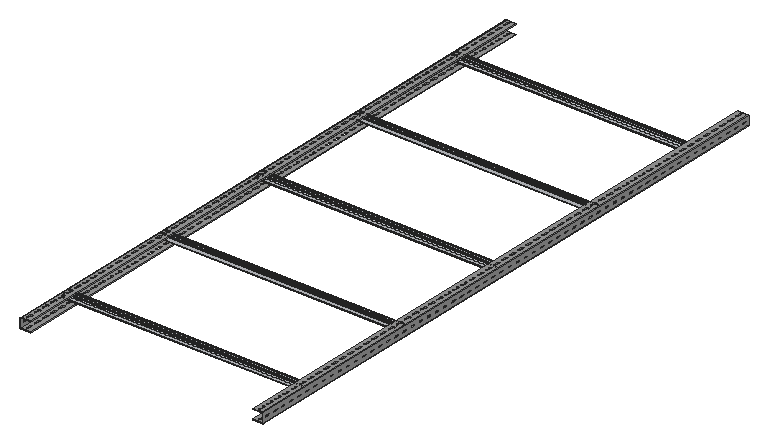
Revit family "steigeleiter_1200_FT", category Generic Models, Revit 2017 (continued)
Dimensions and locks
  locked: Extrusion 341 sketch curve to Extrusion 341 sketch curve at 11
  locked: Extrusion 342 sketch curve to Extrusion 342 sketch curve at 11
  locked: Extrusion 343 sketch curve to Extrusion 343 sketch curve at 11
  locked: Extrusion 344 sketch curve to Extrusion 344 sketch curve at 11
  locked: Extrusion 345 sketch curve to Extrusion 345 sketch curve at 11
  locked: Extrusion 346 sketch curve to Extrusion 346 sketch curve at 11
  locked: Extrusion 347 sketch curve to Extrusion 347 sketch curve at 11
  locked: Extrusion 348 sketch curve to Extrusion 348 sketch curve at 11
  locked: Extrusion 349 sketch curve to Extrusion 349 sketch curve at 11
  locked: Extrusion 350 sketch curve to Extrusion 350 sketch curve at 11
  locked: Extrusion 351 sketch curve to Extrusion 351 sketch curve at 11
  locked: Extrusion 352 sketch curve to Extrusion 352 sketch curve at 11
  locked: Extrusion 353 sketch curve to Extrusion 353 sketch curve at 11
  locked: Extrusion 354 sketch curve to Extrusion 354 sketch curve at 11
  locked: Extrusion 355 sketch curve to Extrusion 355 sketch curve at 11
  locked: Extrusion 356 sketch curve to Extrusion 356 sketch curve at 11
  locked: Extrusion 357 sketch curve to Extrusion 357 sketch curve at 11
  locked: Extrusion 358 sketch curve to Extrusion 358 sketch curve at 11
  locked: Extrusion 359 sketch curve to Extrusion 359 sketch curve at 11
  locked: Extrusion 360 sketch curve to Extrusion 360 sketch curve at 11
  locked: Extrusion 361 sketch curve to Extrusion 361 sketch curve at 11
  group 355 to group 356 = 0 mm  (x2)
  group 356 to group 355 = 50 mm
  "Length 2": plane 1 "Center (Front/Back)" to plane 6
  locked: Extrusion 362 sketch curve to Extrusion 362 sketch curve at 2  (x5)
  locked: Extrusion 362 sketch curve to Extrusion 362 sketch curve at 18
  Extrusion 362 sketch curve to Extrusion 362 sketch curve = 40 mm
  locked: Extrusion 363 sketch curve to Extrusion 363 sketch curve at 2  (x5)
  locked: Extrusion 363 sketch curve to Extrusion 363 sketch curve at 18
  Extrusion 363 sketch curve to Extrusion 363 sketch curve = 40 mm
  equal spacing: group 357, group 358, group 359, group 360, group 361  (x3)
  locked: Extrusion 364 sketch curve to Extrusion 364 sketch curve at 2  (x5)
  locked: Extrusion 364 sketch curve to Extrusion 364 sketch curve at 18
  Extrusion 364 sketch curve to Extrusion 364 sketch curve = 40 mm
  locked: Extrusion 365 sketch curve to Extrusion 365 sketch curve at 2  (x5)
  locked: Extrusion 365 sketch curve to Extrusion 365 sketch curve at 18
  Extrusion 365 sketch curve to Extrusion 365 sketch curve = 40 mm
  locked: Extrusion 366 sketch curve to Extrusion 366 sketch curve at 2  (x5)
  locked: Extrusion 366 sketch curve to Extrusion 366 sketch curve at 18
  Extrusion 366 sketch curve to Extrusion 366 sketch curve = 40 mm
  aligned and locked: level to plane 2
  aligned and locked: Extrusion 1 sketch curve to level
  aligned and locked: level to Extrusion 1 sketch curve
  aligned and locked: plane 5 to Extrusion 1
  aligned and locked: Extrusion 1 to level
  aligned and locked: Extrusion 1 to Extrusion 2  (x2)
  aligned and locked: Extrusion 1 to Extrusion 62  (x2)
  aligned and locked: Extrusion 122 to level
  aligned and locked: Extrusion 1 to Extrusion 122
  aligned and locked: Extrusion 182 to level
  aligned and locked: cut or joined group 1 (Extrusion 1, Extrusion 2, Extrusion 3, Extrusion 4, Extrusion 5, Extrusion 6, Extrusion 7, Extrusion 8, Extrusion 9, Extrusion 10, Extrusion 11, Extrusion 12, Extrusion 13, Extrusion 14, Extrusion 15, Extrusion 16, Extrusion 17, Extrusion 18, Extrusion 19, Extrusion 20, Extrusion 21, Extrusion 22, Extrusion 23, Extrusion 24, Extrusion 25, Extrusion 26, Extrusion 27, Extrusion 28, Extrusion 29, Extrusion 30, Extrusion 31, Extrusion 32, Extrusion 33, Extrusion 34, Extrusion 35, Extrusion 36, Extrusion 37, Extrusion 38, Extrusion 39, Extrusion 40, Extrusion 41, Extrusion 42, Extrusion 43, Extrusion 44, Extrusion 45, Extrusion 46, Extrusion 47, Extrusion 48, Extrusion 49, Extrusion 50, Extrusion 51, Extrusion 52, Extrusion 53, Extrusion 54, Extrusion 55, Extrusion 56, Extrusion 57, Extrusion 58, Extrusion 59, Extrusion 60, Extrusion 61, Extrusion 62, Extrusion 63, Extrusion 64, Extrusion 65, Extrusion 66, Extrusion 67, Extrusion 68, Extrusion 69, Extrusion 70, Extrusion 71, Extrusion 72, Extrusion 73, Extrusion 74, Extrusion 75, Extrusion 76, Extrusion 77, Extrusion 78, Extrusion 79, Extrusion 80, Extrusion 81, Extrusion 82, Extrusion 83, Extrusion 84, Extrusion 85, Extrusion 86, Extrusion 87, Extrusion 88, Extrusion 89, Extrusion 90, Extrusion 91, Extrusion 92, Extrusion 93, Extrusion 94, Extrusion 95, Extrusion 96, Extrusion 97, Extrusion 98, Extrusion 99, Extrusion 100, Extrusion 101, Extrusion 102, Extrusion 103, Extrusion 104, Extrusion 105, Extrusion 106, Extrusion 107, Extrusion 108, Extrusion 109, Extrusion 110, Extrusion 111, Extrusion 112, Extrusion 113, Extrusion 114, Extrusion 115, Extrusion 116, Extrusion 117, Extrusion 118, Extrusion 119, Extrusion 120, Extrusion 121, Extrusion 122, Extrusion 123, Extrusion 124, Extrusion 125, Extrusion 126, Extrusion 127, Extrusion 128, Extrusion 129, Extrusion 130, Extrusion 131, Extrusion 132, Extrusion 133, Extrusion 134, Extrusion 135, Extrusion 136, Extrusion 137, Extrusion 138, Extrusion 139, Extrusion 140, Extrusion 141, Extrusion 142, Extrusion 143, Extrusion 144, Extrusion 145, Extrusion 146, Extrusion 147, Extrusion 148, Extrusion 149, Extrusion 150, Extrusion 151, Extrusion 152, Extrusion 153, Extrusion 154, Extrusion 155, Extrusion 156, Extrusion 157, Extrusion 158, Extrusion 159, Extrusion 160, Extrusion 161, Extrusion 162, Extrusion 163, Extrusion 164, Extrusion 165, Extrusion 166, Extrusion 167, Extrusion 168, Extrusion 169, Extrusion 170, Extrusion 171, Extrusion 172, Extrusion 173, Extrusion 174, Extrusion 175, Extrusion 176, Extrusion 177, Extrusion 178, Extrusion 179, Extrusion 180, Extrusion 181, Extrusion 182, Extrusion 183, Extrusion 184, Extrusion 185, Extrusion 186, Extrusion 187, Extrusion 188, Extrusion 189, Extrusion 190, Extrusion 191, Extrusion 192, Extrusion 193, Extrusion 194, Extrusion 195, Extrusion 196, Extrusion 197, Extrusion 198, Extrusion 199, Extrusion 200, Extrusion 201, Extrusion 202, Extrusion 203, Extrusion 204, Extrusion 205, Extrusion 206, Extrusion 207, Extrusion 208, Extrusion 209, Extrusion 210, Extrusion 211, Extrusion 212, Extrusion 213, Extrusion 214, Extrusion 215, Extrusion 216, Extrusion 217, Extrusion 218, Extrusion 219, Extrusion 220, Extrusion 221, Extrusion 222, Extrusion 223, Extrusion 224, Extrusion 225, Extrusion 226, Extrusion 227, Extrusion 228, Extrusion 229, Extrusion 230, Extrusion 231, Extrusion 232, Extrusion 233, Extrusion 234, Extrusion 235, Extrusion 236, Extrusion 237, Extrusion 238, Extrusion 239, Extrusion 240, Extrusion 241, Extrusion 242, Extrusion 243, Extrusion 244, Extrusion 245, Extrusion 246, Extrusion 247, Extrusion 248, Extrusion 249, Extrusion 250, Extrusion 251, Extrusion 252, Extrusion 253, Extrusion 254, Extrusion 255, Extrusion 256, Extrusion 257, Extrusion 258, Extrusion 259, Extrusion 260, Extrusion 261, Extrusion 262, Extrusion 263, Extrusion 264, Extrusion 265, Extrusion 266, Extrusion 267, Extrusion 268, Extrusion 269, Extrusion 270, Extrusion 271, Extrusion 272, Extrusion 273, Extrusion 274, Extrusion 275, Extrusion 276, Extrusion 277, Extrusion 278, Extrusion 279, Extrusion 280, Extrusion 281, Extrusion 282, Extrusion 283, Extrusion 284, Extrusion 285, Extrusion 286, Extrusion 287, Extrusion 288, Extrusion 289, Extrusion 290, Extrusion 291, Extrusion 292, Extrusion 293, Extrusion 294, Extrusion 295, Extrusion 296, Extrusion 297, Extrusion 298, Extrusion 299, Extrusion 300, Extrusion 301, Extrusion 302, Extrusion 303, Extrusion 304, Extrusion 305, Extrusion 306, Extrusion 307, Extrusion 308, Extrusion 309, Extrusion 310, Extrusion 311, Extrusion 312, Extrusion 313, Extrusion 314, Extrusion 315, Extrusion 316, Extrusion 317, Extrusion 318, Extrusion 319, Extrusion 320, Extrusion 321, Extrusion 322, Extrusion 323, Extrusion 324, Extrusion 325, Extrusion 326, Extrusion 327, Extrusion 328, Extrusion 329, Extrusion 330, Extrusion 331, Extrusion 332, Extrusion 333, Extrusion 334, Extrusion 335, Extrusion 336, Extrusion 337, Extrusion 338, Extrusion 339, Extrusion 340, Extrusion 341, Extrusion 342, Extrusion 343, Extrusion 344, Extrusion 345, Extrusion 346, Extrusion 347, Extrusion 348, Extrusion 349, Extrusion 350, Extrusion 351, Extrusion 352, Extrusion 353, Extrusion 354, Extrusion 355, Extrusion 356, Extrusion 357, Extrusion 358, Extrusion 359, Extrusion 360, Extrusion 361) to cut or joined group of Extrusion 1, Extrusion 2, Extrusion 3, Extrusion 4, Extrusion 5, Extrusion 6, Extrusion 7, Extrusion 8, Extrusion 9, Extrusion 10, Extrusion 11, Extrusion 12, Extrusion 13, Extrusion 14, Extrusion 15, Extrusion 16, Extrusion 17, Extrusion 18, Extrusion 19, Extrusion 20, Extrusion 21, Extrusion 22, Extrusion 23, Extrusion 24, Extrusion 25, Extrusion 26, Extrusion 27, Extrusion 28, Extrusion 29, Extrusion 30, Extrusion 31, Extrusion 32, Extrusion 33, Extrusion 34, Extrusion 35, Extrusion 36, Extrusion 37, Extrusion 38, Extrusion 39, Extrusion 40, Extrusion 41, Extrusion 42, Extrusion 43, Extrusion 44, Extrusion 45, Extrusion 46, Extrusion 47, Extrusion 48, Extrusion 49, Extrusion 50, Extrusion 51, Extrusion 52, Extrusion 53, Extrusion 54, Extrusion 55, Extrusion 56, Extrusion 57, Extrusion 58, Extrusion 59, Extrusion 60, Extrusion 61, Extrusion 62, Extrusion 63, Extrusion 64, Extrusion 65, Extrusion 66, Extrusion 67, Extrusion 68, Extrusion 69, Extrusion 70, Extrusion 71, Extrusion 72, Extrusion 73, Extrusion 74, Extrusion 75, Extrusion 76, Extrusion 77, Extrusion 78, Extrusion 79, Extrusion 80, Extrusion 81, Extrusion 82, Extrusion 83, Extrusion 84, Extrusion 85, Extrusion 86, Extrusion 87, Extrusion 88, Extrusion 89, Extrusion 90, Extrusion 91, Extrusion 92, Extrusion 93, Extrusion 94, Extrusion 95, Extrusion 96, Extrusion 97, Extrusion 98, Extrusion 99, Extrusion 100, Extrusion 101, Extrusion 102, Extrusion 103, Extrusion 104, Extrusion 105, Extrusion 106, Extrusion 107, Extrusion 108, Extrusion 109, Extrusion 110, Extrusion 111, Extrusion 112, Extrusion 113, Extrusion 114, Extrusion 115, Extrusion 116, Extrusion 117, Extrusion 118, Extrusion 119, Extrusion 120, Extrusion 121, Extrusion 122, Extrusion 123, Extrusion 124, Extrusion 125, Extrusion 126, Extrusion 127, Extrusion 128, Extrusion 129, Extrusion 130, Extrusion 131, Extrusion 132, Extrusion 133, Extrusion 134, Extrusion 135, Extrusion 136, Extrusion 137, Extrusion 138, Extrusion 139, Extrusion 140, Extrusion 141, Extrusion 142, Extrusion 143, Extrusion 144, Extrusion 145, Extrusion 146, Extrusion 147, Extrusion 148, Extrusion 149, Extrusion 150, Extrusion 151, Extrusion 152, Extrusion 153, Extrusion 154, Extrusion 155, Extrusion 156, Extrusion 157, Extrusion 158, Extrusion 159, Extrusion 160, Extrusion 161, Extrusion 162, Extrusion 163, Extrusion 164, Extrusion 165, Extrusion 166, Extrusion 167, Extrusion 168, Extrusion 169, Extrusion 170, Extrusion 171, Extrusion 172, Extrusion 173, Extrusion 174, Extrusion 175, Extrusion 176, Extrusion 177, Extrusion 178, Extrusion 179, Extrusion 180, Extrusion 181, Extrusion 182, E
    xtrusion 183, Extrusion 184, Extrusion 185, Extrusion 186, Extrusion 187, Extrusion 188, Extrusion 189, Extrusion 190, Extrusion 191, Extrusion 192, Extrusion 193, Extrusion 194, Extrusion 195, Extrusion 196, Extrusion 197, Extrusion 198, Extrusion 199, Extrusion 200, Extrusion 201, Extrusion 202, Extrusion 203, Extrusion 204, Extrusion 205, Extrusion 206, Extrusion 207, Extrusion 208, Extrusion 209, Extrusion 210, Extrusion 211, Extrusion 212, Extrusion 213, Extrusion 214, Extrusion 215, Extrusion 216, Extrusion 217, Extrusion 218, Extrusion 219, Extrusion 220, Extrusion 221, Extrusion 222, Extrusion 223, Extrusion 224, Extrusion 225, Extrusion 226, Extrusion 227, Extrusion 228, Extrusion 229, Extrusion 230, Extrusion 231, Extrusion 232, Extrusion 233, Extrusion 234, Extrusion 235, Extrusion 236, Extrusion 237, Extrusion 238, Extrusion 239, Extrusion 240, Extrusion 241, Extrusion 242, Extrusion 243, Extrusion 244, Extrusion 245, Extrusion 246, Extrusion 247, Extrusion 248, Extrusion 249, Extrusion 250, Extrusion 251, Extrusion 252, Extrusion 253, Extrusion 254, Extrusion 255, Extrusion 256, Extrusion 257, Extrusion 258, Extrusion 259, Extrusion 260, Extrusion 261, Extrusion 262, Extrusion 263, Extrusion 264, Extrusion 265, Extrusion 266, Extrusion 267, Extrusion 268, Extrusion 269, Extrusion 270, Extrusion 271, Extrusion 272, Extrusion 273, Extrusion 274, Extrusion 275, Extrusion 276, Extrusion 277, Extrusion 278, Extrusion 279, Extrusion 280, Extrusion 281, Extrusion 282, Extrusion 283, Extrusion 284, Extrusion 285, Extrusion 286, Extrusion 287, Extrusion 288, Extrusion 289, Extrusion 290, Extrusion 291, Extrusion 292, Extrusion 293, Extrusion 294, Extrusion 295, Extrusion 296, Extrusion 297, Extrusion 298, Extrusion 299, Extrusion 300, Extrusion 301, Extrusion 302, Extrusion 303, Extrusion 304, Extrusion 305, Extrusion 306, Extrusion 307, Extrusion 308, Extrusion 309, Extrusion 310, Extrusion 311, Extrusion 312, Extrusion 313, Extrusion 314, Extrusion 315, Extrusion 316, Extrusion 317, Extrusion 318, Extrusion 319, Extrusion 320, Extrusion 321, Extrusion 322, Extrusion 323, Extrusion 324, Extrusion 325, Extrusion 326, Extrusion 327, Extrusion 328, Extrusion 329, Extrusion 330, Extrusion 331, Extrusion 332, Extrusion 333, Extrusion 334, Extrusion 335, Extrusion 336, Extrusion 337, Extrusion 338, Extrusion 339, Extrusion 340, Extrusion 341, Extrusion 342, Extrusion 343, Extrusion 344, Extrusion 345, Extrusion 346, Extrusion 347, Extrusion 348, Extrusion 349, Extrusion 350, Extrusion 351, Extrusion 352, Extrusion 353, Extrusion 354, Extrusion 355, Extrusion 356, Extrusion 357, Extrusion 358, Extrusion 359, Extrusion 360, Extrusion 361
  aligned and locked: level to cut or joined group 1
  aligned and locked: Extrusion 362 sketch curve to Extrusion 362 sketch curve
  aligned and locked: Extrusion 362 to cut or joined group 1  (x2)
  aligned and locked: Extrusion 363 sketch curve to Extrusion 363 sketch curve
  aligned and locked: Extrusion 364 sketch curve to Extrusion 364 sketch curve
  aligned and locked: Extrusion 365 sketch curve to Extrusion 365 sketch curve
  aligned and locked: Extrusion 366 sketch curve to Extrusion 366 sketch curve
Automatic sketch dimensions
  Extrusion 1 sketch curve to Extrusion 1 sketch curve = 1.5 mm  (x3)
  Extrusion 1 sketch curve to Extrusion 1 sketch curve = 3.273 mm
  Extrusion 1 sketch curve to Extrusion 1 sketch curve = 1.011 mm
  Extrusion 1 sketch curve to Extrusion 1 sketch curve = 1.773 mm
  Extrusion 1 sketch curve to Extrusion 1 sketch curve = 0 mm  (x2)
  Extrusion 1 sketch curve to plane 3 "Center (Left/Right)" = 550 mm
  plane 3 "Center (Left/Right)" to Extrusion 1 sketch curve = 550 mm
  Extrusion 2 sketch curve to Extrusion 2 sketch curve = 19 mm
  Extrusion 3 sketch curve to Extrusion 3 sketch curve = 19 mm
  Extrusion 4 sketch curve to Extrusion 4 sketch curve = 19 mm
  Extrusion 5 sketch curve to Extrusion 5 sketch curve = 19 mm
  Extrusion 6 sketch curve to Extrusion 6 sketch curve = 19 mm
  Extrusion 7 sketch curve to Extrusion 7 sketch curve = 19 mm
  Extrusion 8 sketch curve to Extrusion 8 sketch curve = 19 mm
  Extrusion 9 sketch curve to Extrusion 9 sketch curve = 19 mm
  Extrusion 10 sketch curve to Extrusion 10 sketch curve = 19 mm
  Extrusion 11 sketch curve to Extrusion 11 sketch curve = 19 mm
  Extrusion 12 sketch curve to Extrusion 12 sketch curve = 19 mm
  Extrusion 13 sketch curve to Extrusion 13 sketch curve = 19 mm
  Extrusion 14 sketch curve to Extrusion 14 sketch curve = 19 mm
  Extrusion 15 sketch curve to Extrusion 15 sketch curve = 19 mm
  Extrusion 16 sketch curve to Extrusion 16 sketch curve = 19 mm
  Extrusion 17 sketch curve to Extrusion 17 sketch curve = 19 mm
  Extrusion 18 sketch curve to Extrusion 18 sketch curve = 19 mm
  Extrusion 19 sketch curve to Extrusion 19 sketch curve = 19 mm
  Extrusion 20 sketch curve to Extrusion 20 sketch curve = 19 mm
  Extrusion 21 sketch curve to Extrusion 21 sketch curve = 19 mm
  Extrusion 22 sketch curve to Extrusion 22 sketch curve = 19 mm
  Extrusion 23 sketch curve to Extrusion 23 sketch curve = 19 mm
  Extrusion 24 sketch curve to Extrusion 24 sketch curve = 19 mm
  Extrusion 25 sketch curve to Extrusion 25 sketch curve = 19 mm
  Extrusion 26 sketch curve to Extrusion 26 sketch curve = 19 mm
  Extrusion 27 sketch curve to Extrusion 27 sketch curve = 19 mm
  Extrusion 28 sketch curve to Extrusion 28 sketch curve = 19 mm
  Extrusion 29 sketch curve to Extrusion 29 sketch curve = 19 mm
  Extrusion 30 sketch curve to Extrusion 30 sketch curve = 19 mm
  Extrusion 31 sketch curve to Extrusion 31 sketch curve = 19 mm
  Extrusion 32 sketch curve to Extrusion 32 sketch curve = 19 mm
  Extrusion 33 sketch curve to Extrusion 33 sketch curve = 19 mm
  Extrusion 34 sketch curve to Extrusion 34 sketch curve = 19 mm
  Extrusion 35 sketch curve to Extrusion 35 sketch curve = 19 mm
  Extrusion 36 sketch curve to Extrusion 36 sketch curve = 19 mm
  Extrusion 37 sketch curve to Extrusion 37 sketch curve = 19 mm
  Extrusion 38 sketch curve to Extrusion 38 sketch curve = 19 mm
  Extrusion 39 sketch curve to Extrusion 39 sketch curve = 19 mm
  Extrusion 40 sketch curve to Extrusion 40 sketch curve = 19 mm
  Extrusion 41 sketch curve to Extrusion 41 sketch curve = 19 mm
  Extrusion 42 sketch curve to Extrusion 42 sketch curve = 19 mm
  Extrusion 43 sketch curve to Extrusion 43 sketch curve = 19 mm
  Extrusion 44 sketch curve to Extrusion 44 sketch curve = 19 mm
  Extrusion 45 sketch curve to Extrusion 45 sketch curve = 19 mm
  Extrusion 46 sketch curve to Extrusion 46 sketch curve = 19 mm
  Extrusion 47 sketch curve to Extrusion 47 sketch curve = 19 mm
  Extrusion 48 sketch curve to Extrusion 48 sketch curve = 19 mm
  Extrusion 49 sketch curve to Extrusion 49 sketch curve = 19 mm
  Extrusion 50 sketch curve to Extrusion 50 sketch curve = 19 mm
  Extrusion 51 sketch curve to Extrusion 51 sketch curve = 19 mm
  Extrusion 52 sketch curve to Extrusion 52 sketch curve = 19 mm
  Extrusion 53 sketch curve to Extrusion 53 sketch curve = 19 mm
  Extrusion 54 sketch curve to Extrusion 54 sketch curve = 19 mm
  Extrusion 55 sketch curve to Extrusion 55 sketch curve = 19 mm
  Extrusion 56 sketch curve to Extrusion 56 sketch curve = 19 mm
  Extrusion 57 sketch curve to Extrusion 57 sketch curve = 19 mm
  Extrusion 58 sketch curve to Extrusion 58 sketch curve = 19 mm
  Extrusion 59 sketch curve to Extrusion 59 sketch curve = 19 mm
  Extrusion 60 sketch curve to Extrusion 60 sketch curve = 19 mm
  Extrusion 61 sketch curve to Extrusion 61 sketch curve = 19 mm
  Extrusion 62 sketch curve to Extrusion 62 sketch curve = 19 mm
  Extrusion 63 sketch curve to Extrusion 63 sketch curve = 19 mm
  Extrusion 64 sketch curve to Extrusion 64 sketch curve = 19 mm
  Extrusion 65 sketch curve to Extrusion 65 sketch curve = 19 mm
  Extrusion 66 sketch curve to Extrusion 66 sketch curve = 19 mm
  Extrusion 67 sketch curve to Extrusion 67 sketch curve = 19 mm
  Extrusion 68 sketch curve to Extrusion 68 sketch curve = 19 mm
  Extrusion 69 sketch curve to Extrusion 69 sketch curve = 19 mm
  Extrusion 70 sketch curve to Extrusion 70 sketch curve = 19 mm
  Extrusion 71 sketch curve to Extrusion 71 sketch curve = 19 mm
  Extrusion 72 sketch curve to Extrusion 72 sketch curve = 19 mm
  Extrusion 73 sketch curve to Extrusion 73 sketch curve = 19 mm
  Extrusion 74 sketch curve to Extrusion 74 sketch curve = 19 mm
  Extrusion 75 sketch curve to Extrusion 75 sketch curve = 19 mm
  Extrusion 76 sketch curve to Extrusion 76 sketch curve = 19 mm
  Extrusion 77 sketch curve to Extrusion 77 sketch curve = 19 mm
  Extrusion 78 sketch curve to Extrusion 78 sketch curve = 19 mm
  Extrusion 79 sketch curve to Extrusion 79 sketch curve = 19 mm
  Extrusion 80 sketch curve to Extrusion 80 sketch curve = 19 mm
  Extrusion 81 sketch curve to Extrusion 81 sketch curve = 19 mm
  Extrusion 82 sketch curve to Extrusion 82 sketch curve = 19 mm
  Extrusion 83 sketch curve to Extrusion 83 sketch curve = 19 mm
  Extrusion 84 sketch curve to Extrusion 84 sketch curve = 19 mm
  Extrusion 85 sketch curve to Extrusion 85 sketch curve = 19 mm
  Extrusion 86 sketch curve to Extrusion 86 sketch curve = 19 mm
  Extrusion 87 sketch curve to Extrusion 87 sketch curve = 19 mm
  Extrusion 88 sketch curve to Extrusion 88 sketch curve = 19 mm
  Extrusion 89 sketch curve to Extrusion 89 sketch curve = 19 mm
  Extrusion 90 sketch curve to Extrusion 90 sketch curve = 19 mm
  Extrusion 91 sketch curve to Extrusion 91 sketch curve = 19 mm
  Extrusion 92 sketch curve to Extrusion 92 sketch curve = 19 mm
  Extrusion 93 sketch curve to Extrusion 93 sketch curve = 19 mm
  Extrusion 94 sketch curve to Extrusion 94 sketch curve = 19 mm
  Extrusion 95 sketch curve to Extrusion 95 sketch curve = 19 mm
  Extrusion 96 sketch curve to Extrusion 96 sketch curve = 19 mm
  Extrusion 97 sketch curve to Extrusion 97 sketch curve = 19 mm
  Extrusion 98 sketch curve to Extrusion 98 sketch curve = 19 mm
  Extrusion 99 sketch curve to Extrusion 99 sketch curve = 19 mm
  Extrusion 100 sketch curve to Extrusion 100 sketch curve = 19 mm
  Extrusion 101 sketch curve to Extrusion 101 sketch curve = 19 mm
  Extrusion 102 sketch curve to Extrusion 102 sketch curve = 19 mm
  Extrusion 103 sketch curve to Extrusion 103 sketch curve = 19 mm
  Extrusion 104 sketch curve to Extrusion 104 sketch curve = 19 mm
  Extrusion 105 sketch curve to Extrusion 105 sketch curve = 19 mm
  Extrusion 106 sketch curve to Extrusion 106 sketch curve = 19 mm
  Extrusion 107 sketch curve to Extrusion 107 sketch curve = 19 mm
  Extrusion 108 sketch curve to Extrusion 108 sketch curve = 19 mm
  Extrusion 109 sketch curve to Extrusion 109 sketch curve = 19 mm
  Extrusion 110 sketch curve to Extrusion 110 sketch curve = 19 mm
  Extrusion 111 sketch curve to Extrusion 111 sketch curve = 19 mm
  Extrusion 112 sketch curve to Extrusion 112 sketch curve = 19 mm
  Extrusion 113 sketch curve to Extrusion 113 sketch curve = 19 mm
  Extrusion 114 sketch curve to Extrusion 114 sketch curve = 19 mm
  Extrusion 115 sketch curve to Extrusion 115 sketch curve = 19 mm
  Extrusion 116 sketch curve to Extrusion 116 sketch curve = 19 mm
  Extrusion 117 sketch curve to Extrusion 117 sketch curve = 19 mm
  Extrusion 118 sketch curve to Extrusion 118 sketch curve = 19 mm
  Extrusion 119 sketch curve to Extrusion 119 sketch curve = 19 mm
  Extrusion 120 sketch curve to Extrusion 120 sketch curve = 19 mm
  Extrusion 121 sketch curve to Extrusion 121 sketch curve = 19 mm
  Extrusion 2 sketch curve to plane 1 "Center (Front/Back)" = 15.5 mm
  Extrusion 2 sketch curve to plane 3 "Center (Left/Right)" = 580.5 mm
  Extrusion 122 sketch curve to Extrusion 122 sketch curve = 19 mm
  Extrusion 123 sketch curve to Extrusion 123 sketch curve = 19 mm
  Extrusion 124 sketch curve to Extrusion 124 sketch curve = 19 mm
  Extrusion 125 sketch curve to Extrusion 125 sketch curve = 19 mm
  Extrusion 126 sketch curve to Extrusion 126 sketch curve = 19 mm
  Extrusion 127 sketch curve to Extrusion 127 sketch curve = 19 mm
  Extrusion 128 sketch curve to Extrusion 128 sketch curve = 19 mm
  Extrusion 129 sketch curve to Extrusion 129 sketch curve = 19 mm
  Extrusion 130 sketch curve to Extrusion 130 sketch curve = 19 mm
  Extrusion 131 sketch curve to Extrusion 131 sketch curve = 19 mm
  Extrusion 132 sketch curve to Extrusion 132 sketch curve = 19 mm
  Extrusion 133 sketch curve to Extrusion 133 sketch curve = 19 mm
  Extrusion 134 sketch curve to Extrusion 134 sketch curve = 19 mm
  Extrusion 135 sketch curve to Extrusion 135 sketch curve = 19 mm
  Extrusion 136 sketch curve to Extrusion 136 sketch curve = 19 mm
  Extrusion 137 sketch curve to Extrusion 137 sketch curve = 19 mm
  Extrusion 138 sketch curve to Extrusion 138 sketch curve = 19 mm
  Extrusion 139 sketch curve to Extrusion 139 sketch curve = 19 mm
  Extrusion 140 sketch curve to Extrusion 140 sketch curve = 19 mm
  Extrusion 141 sketch curve to Extrusion 141 sketch curve = 19 mm
  Extrusion 142 sketch curve to Extrusion 142 sketch curve = 19 mm
  Extrusion 143 sketch curve to Extrusion 143 sketch curve = 19 mm
  Extrusion 144 sketch curve to Extrusion 144 sketch curve = 19 mm
  Extrusion 145 sketch curve to Extrusion 145 sketch curve = 19 mm
  Extrusion 146 sketch curve to Extrusion 146 sketch curve = 19 mm
  Extrusion 147 sketch curve to Extrusion 147 sketch curve = 19 mm
  Extrusion 148 sketch curve to Extrusion 148 sketch curve = 19 mm
  Extrusion 149 sketch curve to Extrusion 149 sketch curve = 19 mm
  Extrusion 150 sketch curve to Extrusion 150 sketch curve = 19 mm
  Extrusion 151 sketch curve to Extrusion 151 sketch curve = 19 mm
  Extrusion 152 sketch curve to Extrusion 152 sketch curve = 19 mm
  Extrusion 153 sketch curve to Extrusion 153 sketch curve = 19 mm
  Extrusion 154 sketch curve to Extrusion 154 sketch curve = 19 mm
  Extrusion 155 sketch curve to Extrusion 155 sketch curve = 19 mm
  Extrusion 156 sketch curve to Extrusion 156 sketch curve = 19 mm
  Extrusion 157 sketch curve to Extrusion 157 sketch curve = 19 mm
  Extrusion 158 sketch curve to Extrusion 158 sketch curve = 19 mm
  Extrusion 159 sketch curve to Extrusion 159 sketch curve = 19 mm
  Extrusion 160 sketch curve to Extrusion 160 sketch curve = 19 mm
  Extrusion 161 sketch curve to Extrusion 161 sketch curve = 19 mm
  Extrusion 162 sketch curve to Extrusion 162 sketch curve = 19 mm
  Extrusion 163 sketch curve to Extrusion 163 sketch curve = 19 mm
  Extrusion 164 sketch curve to Extrusion 164 sketch curve = 19 mm
  Extrusion 165 sketch curve to Extrusion 165 sketch curve = 19 mm
  Extrusion 166 sketch curve to Extrusion 166 sketch curve = 19 mm
  Extrusion 167 sketch curve to Extrusion 167 sketch curve = 19 mm
  Extrusion 168 sketch curve to Extrusion 168 sketch curve = 19 mm
  Extrusion 169 sketch curve to Extrusion 169 sketch curve = 19 mm
  Extrusion 170 sketch curve to Extrusion 170 sketch curve = 19 mm
  Extrusion 171 sketch curve to Extrusion 171 sketch curve = 19 mm
  Extrusion 172 sketch curve to Extrusion 172 sketch curve = 19 mm
  Extrusion 173 sketch curve to Extrusion 173 sketch curve = 19 mm
  Extrusion 174 sketch curve to Extrusion 174 sketch curve = 19 mm
  Extrusion 175 sketch curve to Extrusion 175 sketch curve = 19 mm
  Extrusion 176 sketch curve to Extrusion 176 sketch curve = 19 mm
  Extrusion 177 sketch curve to Extrusion 177 sketch curve = 19 mm
  Extrusion 178 sketch curve to Extrusion 178 sketch curve = 19 mm
  Extrusion 179 sketch curve to Extrusion 179 sketch curve = 19 mm
  Extrusion 180 sketch curve to Extrusion 180 sketch curve = 19 mm
  Extrusion 181 sketch curve to Extrusion 181 sketch curve = 19 mm
  Extrusion 62 sketch curve to plane 1 "Center (Front/Back)" = 15.5 mm
  plane 3 "Center (Left/Right)" to Extrusion 62 sketch curve = 569.5 mm
  Extrusion 182 sketch curve to Extrusion 182 sketch curve = 19 mm
  Extrusion 183 sketch curve to Extrusion 183 sketch curve = 19 mm
  Extrusion 184 sketch curve to Extrusion 184 sketch curve = 19 mm
  Extrusion 185 sketch curve to Extrusion 185 sketch curve = 19 mm
  Extrusion 186 sketch curve to Extrusion 186 sketch curve = 19 mm
  Extrusion 187 sketch curve to Extrusion 187 sketch curve = 19 mm
  Extrusion 188 sketch curve to Extrusion 188 sketch curve = 19 mm
  Extrusion 189 sketch curve to Extrusion 189 sketch curve = 19 mm
  Extrusion 190 sketch curve to Extrusion 190 sketch curve = 19 mm
  Extrusion 191 sketch curve to Extrusion 191 sketch curve = 19 mm
  Extrusion 192 sketch curve to Extrusion 192 sketch curve = 19 mm
  Extrusion 193 sketch curve to Extrusion 193 sketch curve = 19 mm
  Extrusion 194 sketch curve to Extrusion 194 sketch curve = 19 mm
  Extrusion 195 sketch curve to Extrusion 195 sketch curve = 19 mm
  Extrusion 196 sketch curve to Extrusion 196 sketch curve = 19 mm
  Extrusion 197 sketch curve to Extrusion 197 sketch curve = 19 mm
  Extrusion 198 sketch curve to Extrusion 198 sketch curve = 19 mm
  Extrusion 199 sketch curve to Extrusion 199 sketch curve = 19 mm
  Extrusion 200 sketch curve to Extrusion 200 sketch curve = 19 mm
  Extrusion 201 sketch curve to Extrusion 201 sketch curve = 19 mm
  Extrusion 202 sketch curve to Extrusion 202 sketch curve = 19 mm
  Extrusion 203 sketch curve to Extrusion 203 sketch curve = 19 mm
  Extrusion 204 sketch curve to Extrusion 204 sketch curve = 19 mm
  Extrusion 205 sketch curve to Extrusion 205 sketch curve = 19 mm
  Extrusion 206 sketch curve to Extrusion 206 sketch curve = 19 mm
  Extrusion 207 sketch curve to Extrusion 207 sketch curve = 19 mm
  Extrusion 208 sketch curve to Extrusion 208 sketch curve = 19 mm
  Extrusion 209 sketch curve to Extrusion 209 sketch curve = 19 mm
  Extrusion 210 sketch curve to Extrusion 210 sketch curve = 19 mm
  Extrusion 211 sketch curve to Extrusion 211 sketch curve = 19 mm
  Extrusion 212 sketch curve to Extrusion 212 sketch curve = 19 mm
  Extrusion 213 sketch curve to Extrusion 213 sketch curve = 19 mm
  Extrusion 214 sketch curve to Extrusion 214 sketch curve = 19 mm
  Extrusion 215 sketch curve to Extrusion 215 sketch curve = 19 mm
  Extrusion 216 sketch curve to Extrusion 216 sketch curve = 19 mm
  Extrusion 217 sketch curve to Extrusion 217 sketch curve = 19 mm
  Extrusion 218 sketch curve to Extrusion 218 sketch curve = 19 mm
  Extrusion 219 sketch curve to Extrusion 219 sketch curve = 19 mm
  Extrusion 220 sketch curve to Extrusion 220 sketch curve = 19 mm
  Extrusion 221 sketch curve to Extrusion 221 sketch curve = 19 mm
  Extrusion 222 sketch curve to Extrusion 222 sketch curve = 19 mm
  Extrusion 223 sketch curve to Extrusion 223 sketch curve = 19 mm
  Extrusion 224 sketch curve to Extrusion 224 sketch curve = 19 mm
  Extrusion 225 sketch curve to Extrusion 225 sketch curve = 19 mm
  Extrusion 226 sketch curve to Extrusion 226 sketch curve = 19 mm
  Extrusion 227 sketch curve to Extrusion 227 sketch curve = 19 mm
  Extrusion 228 sketch curve to Extrusion 228 sketch curve = 19 mm
  Extrusion 229 sketch curve to Extrusion 229 sketch curve = 19 mm
  Extrusion 230 sketch curve to Extrusion 230 sketch curve = 19 mm
  Extrusion 231 sketch curve to Extrusion 231 sketch curve = 19 mm
  Extrusion 232 sketch curve to Extrusion 232 sketch curve = 19 mm
  Extrusion 233 sketch curve to Extrusion 233 sketch curve = 19 mm
  Extrusion 234 sketch curve to Extrusion 234 sketch curve = 19 mm
  Extrusion 235 sketch curve to Extrusion 235 sketch curve = 19 mm
  Extrusion 236 sketch curve to Extrusion 236 sketch curve = 19 mm
  Extrusion 237 sketch curve to Extrusion 237 sketch curve = 19 mm
  Extrusion 238 sketch curve to Extrusion 238 sketch curve = 19 mm
  Extrusion 239 sketch curve to Extrusion 239 sketch curve = 19 mm
  Extrusion 240 sketch curve to Extrusion 240 sketch curve = 19 mm
  Extrusion 241 sketch curve to Extrusion 241 sketch curve = 19 mm
  Extrusion 242 sketch curve to Extrusion 242 sketch curve = 19 mm
  Extrusion 243 sketch curve to Extrusion 243 sketch curve = 19 mm
  Extrusion 244 sketch curve to Extrusion 244 sketch curve = 19 mm
  Extrusion 245 sketch curve to Extrusion 245 sketch curve = 19 mm
  Extrusion 246 sketch curve to Extrusion 246 sketch curve = 19 mm
  Extrusion 247 sketch curve to Extrusion 247 sketch curve = 19 mm
  Extrusion 248 sketch curve to Extrusion 248 sketch curve = 19 mm
  Extrusion 249 sketch curve to Extrusion 249 sketch curve = 19 mm
  Extrusion 250 sketch curve to Extrusion 250 sketch curve = 19 mm
  Extrusion 251 sketch curve to Extrusion 251 sketch curve = 19 mm
  Extrusion 252 sketch curve to Extrusion 252 sketch curve = 19 mm
  Extrusion 253 sketch curve to Extrusion 253 sketch curve = 19 mm
  Extrusion 254 sketch curve to Extrusion 254 sketch curve = 19 mm
  Extrusion 255 sketch curve to Extrusion 255 sketch curve = 19 mm
  Extrusion 256 sketch curve to Extrusion 256 sketch curve = 19 mm
  Extrusion 257 sketch curve to Extrusion 257 sketch curve = 19 mm
  Extrusion 258 sketch curve to Extrusion 258 sketch curve = 19 mm
  Extrusion 259 sketch curve to Extrusion 259 sketch curve = 19 mm
  Extrusion 260 sketch curve to Extrusion 260 sketch curve = 19 mm
  Extrusion 261 sketch curve to Extrusion 261 sketch curve = 19 mm
  Extrusion 262 sketch curve to Extrusion 262 sketch curve = 19 mm
  Extrusion 263 sketch curve to Extrusion 263 sketch curve = 19 mm
  Extrusion 264 sketch curve to Extrusion 264 sketch curve = 19 mm
  Extrusion 265 sketch curve to Extrusion 265 sketch curve = 19 mm
  Extrusion 266 sketch curve to Extrusion 266 sketch curve = 19 mm
  Extrusion 267 sketch curve to Extrusion 267 sketch curve = 19 mm
  Extrusion 268 sketch curve to Extrusion 268 sketch curve = 19 mm
  Extrusion 269 sketch curve to Extrusion 269 sketch curve = 19 mm
  Extrusion 270 sketch curve to Extrusion 270 sketch curve = 19 mm
  Extrusion 271 sketch curve to Extrusion 271 sketch curve = 19 mm
  Extrusion 272 sketch curve to Extrusion 272 sketch curve = 19 mm
  Extrusion 273 sketch curve to Extrusion 273 sketch curve = 19 mm
  Extrusion 274 sketch curve to Extrusion 274 sketch curve = 19 mm
  Extrusion 275 sketch curve to Extrusion 275 sketch curve = 19 mm
  Extrusion 276 sketch curve to Extrusion 276 sketch curve = 19 mm
  Extrusion 277 sketch curve to Extrusion 277 sketch curve = 19 mm
  Extrusion 278 sketch curve to Extrusion 278 sketch curve = 19 mm
  Extrusion 279 sketch curve to Extrusion 279 sketch curve = 19 mm
  Extrusion 280 sketch curve to Extrusion 280 sketch curve = 19 mm
  Extrusion 281 sketch curve to Extrusion 281 sketch curve = 19 mm
  Extrusion 282 sketch curve to Extrusion 282 sketch curve = 19 mm
  Extrusion 283 sketch curve to Extrusion 283 sketch curve = 19 mm
  Extrusion 284 sketch curve to Extrusion 284 sketch curve = 19 mm
  Extrusion 285 sketch curve to Extrusion 285 sketch curve = 19 mm
  Extrusion 286 sketch curve to Extrusion 286 sketch curve = 19 mm
  Extrusion 287 sketch curve to Extrusion 287 sketch curve = 19 mm
  Extrusion 288 sketch curve to Extrusion 288 sketch curve = 19 mm
  Extrusion 289 sketch curve to Extrusion 289 sketch curve = 19 mm
  Extrusion 290 sketch curve to Extrusion 290 sketch curve = 19 mm
  Extrusion 291 sketch curve to Extrusion 291 sketch curve = 19 mm
  Extrusion 292 sketch curve to Extrusion 292 sketch curve = 19 mm
  Extrusion 293 sketch curve to Extrusion 293 sketch curve = 19 mm
  Extrusion 294 sketch curve to Extrusion 294 sketch curve = 19 mm
  Extrusion 295 sketch curve to Extrusion 295 sketch curve = 19 mm
  Extrusion 296 sketch curve to Extrusion 296 sketch curve = 19 mm
  Extrusion 297 sketch curve to Extrusion 297 sketch curve = 19 mm
  Extrusion 298 sketch curve to Extrusion 298 sketch curve = 19 mm
  Extrusion 299 sketch curve to Extrusion 299 sketch curve = 19 mm
  Extrusion 300 sketch curve to Extrusion 300 sketch curve = 19 mm
  Extrusion 301 sketch curve to Extrusion 301 sketch curve = 19 mm
  Extrusion 302 sketch curve to Extrusion 302 sketch curve = 19 mm
  Extrusion 303 sketch curve to Extrusion 303 sketch curve = 19 mm
  Extrusion 304 sketch curve to Extrusion 304 sketch curve = 19 mm
  Extrusion 305 sketch curve to Extrusion 305 sketch curve = 19 mm
  Extrusion 306 sketch curve to Extrusion 306 sketch curve = 19 mm
  Extrusion 307 sketch curve to Extrusion 307 sketch curve = 19 mm
  Extrusion 308 sketch curve to Extrusion 308 sketch curve = 19 mm
  Extrusion 309 sketch curve to Extrusion 309 sketch curve = 19 mm
  Extrusion 310 sketch curve to Extrusion 310 sketch curve = 19 mm
  Extrusion 311 sketch curve to Extrusion 311 sketch curve = 19 mm
  Extrusion 312 sketch curve to Extrusion 312 sketch curve = 19 mm
  Extrusion 313 sketch curve to Extrusion 313 sketch curve = 19 mm
  Extrusion 314 sketch curve to Extrusion 314 sketch curve = 19 mm
  Extrusion 315 sketch curve to Extrusion 315 sketch curve = 19 mm
  Extrusion 316 sketch curve to Extrusion 316 sketch curve = 19 mm
  Extrusion 317 sketch curve to Extrusion 317 sketch curve = 19 mm
  Extrusion 318 sketch curve to Extrusion 318 sketch curve = 19 mm
  Extrusion 319 sketch curve to Extrusion 319 sketch curve = 19 mm
  Extrusion 320 sketch curve to Extrusion 320 sketch curve = 19 mm
  Extrusion 321 sketch curve to Extrusion 321 sketch curve = 19 mm
  Extrusion 322 sketch curve to Extrusion 322 sketch curve = 19 mm
  Extrusion 323 sketch curve to Extrusion 323 sketch curve = 19 mm
  Extrusion 324 sketch curve to Extrusion 324 sketch curve = 19 mm
  Extrusion 325 sketch curve to Extrusion 325 sketch curve = 19 mm
  Extrusion 326 sketch curve to Extrusion 326 sketch curve = 19 mm
  Extrusion 327 sketch curve to Extrusion 327 sketch curve = 19 mm
  Extrusion 328 sketch curve to Extrusion 328 sketch curve = 19 mm
  Extrusion 329 sketch curve to Extrusion 329 sketch curve = 19 mm
  Extrusion 330 sketch curve to Extrusion 330 sketch curve = 19 mm
  Extrusion 331 sketch curve to Extrusion 331 sketch curve = 19 mm
  Extrusion 332 sketch curve to Extrusion 332 sketch curve = 19 mm
  Extrusion 333 sketch curve to Extrusion 333 sketch curve = 19 mm
  Extrusion 334 sketch curve to Extrusion 334 sketch curve = 19 mm
  Extrusion 335 sketch curve to Extrusion 335 sketch curve = 19 mm
  Extrusion 336 sketch curve to Extrusion 336 sketch curve = 19 mm
  Extrusion 337 sketch curve to Extrusion 337 sketch curve = 19 mm
  Extrusion 338 sketch curve to Extrusion 338 sketch curve = 19 mm
  Extrusion 339 sketch curve to Extrusion 339 sketch curve = 19 mm
  Extrusion 340 sketch curve to Extrusion 340 sketch curve = 19 mm
  Extrusion 341 sketch curve to Extrusion 341 sketch curve = 19 mm
  Extrusion 342 sketch curve to Extrusion 342 sketch curve = 19 mm
  Extrusion 343 sketch curve to Extrusion 343 sketch curve = 19 mm
  Extrusion 344 sketch curve to Extrusion 344 sketch curve = 19 mm
  Extrusion 345 sketch curve to Extrusion 345 sketch curve = 19 mm
  Extrusion 346 sketch curve to Extrusion 346 sketch curve = 19 mm
  Extrusion 347 sketch curve to Extrusion 347 sketch curve = 19 mm
  Extrusion 348 sketch curve to Extrusion 348 sketch curve = 19 mm
  Extrusion 349 sketch curve to Extrusion 349 sketch curve = 19 mm
  Extrusion 350 sketch curve to Extrusion 350 sketch curve = 19 mm
  Extrusion 351 sketch curve to Extrusion 351 sketch curve = 19 mm
  Extrusion 352 sketch curve to Extrusion 352 sketch curve = 19 mm
  Extrusion 353 sketch curve to Extrusion 353 sketch curve = 19 mm
  Extrusion 354 sketch curve to Extrusion 354 sketch curve = 19 mm
  Extrusion 355 sketch curve to Extrusion 355 sketch curve = 19 mm
  Extrusion 356 sketch curve to Extrusion 356 sketch curve = 19 mm
  Extrusion 357 sketch curve to Extrusion 357 sketch curve = 19 mm
  Extrusion 358 sketch curve to Extrusion 358 sketch curve = 19 mm
  Extrusion 359 sketch curve to Extrusion 359 sketch curve = 19 mm
  Extrusion 360 sketch curve to Extrusion 360 sketch curve = 19 mm
  Extrusion 361 sketch curve to Extrusion 361 sketch curve = 19 mm
  Extrusion 362 sketch curve to Extrusion 362 sketch curve = 0 mm  (x20)
  Extrusion 362 sketch curve to Extrusion 362 sketch curve = 2 mm  (x4)
  Extrusion 362 sketch curve to Extrusion 362 sketch curve = 4 mm
  Extrusion 362 sketch curve to Extrusion 362 sketch curve = 1 mm
  Extrusion 362 sketch curve to Extrusion 362 sketch curve = 1.027 mm
  Extrusion 246 sketch curve to plane 6 = 8 mm
  level to Extrusion 246 sketch curve = 19.5 mm
  Extrusion 362 sketch curve to Extrusion 362 sketch curve = 3.973 mm
  Extrusion 362 sketch curve to Extrusion 362 sketch curve = 13 mm  (x2)
  Extrusion 362 sketch curve to Extrusion 362 sketch curve = 1.5 mm
  level to Extrusion 258 sketch curve = 30.5 mm
  plane 6 to Extrusion 258 sketch curve = 592 mm
  Extrusion 363 sketch curve to Extrusion 363 sketch curve = 0 mm  (x20)
  Extrusion 363 sketch curve to Extrusion 363 sketch curve = 2 mm  (x4)
  Extrusion 363 sketch curve to Extrusion 363 sketch curve = 4 mm
  Extrusion 363 sketch curve to Extrusion 363 sketch curve = 1 mm
  Extrusion 363 sketch curve to Extrusion 363 sketch curve = 1.027 mm
  Extrusion 363 sketch curve to Extrusion 363 sketch curve = 3.973 mm
  Extrusion 363 sketch curve to Extrusion 363 sketch curve = 13 mm  (x2)
  Extrusion 363 sketch curve to Extrusion 363 sketch curve = 1.5 mm
  Extrusion 364 sketch curve to Extrusion 364 sketch curve = 0 mm  (x20)
  Extrusion 364 sketch curve to Extrusion 364 sketch curve = 2 mm  (x4)
  Extrusion 364 sketch curve to Extrusion 364 sketch curve = 4 mm
  Extrusion 364 sketch curve to Extrusion 364 sketch curve = 1 mm
  Extrusion 364 sketch curve to Extrusion 364 sketch curve = 1.027 mm
  Extrusion 364 sketch curve to Extrusion 364 sketch curve = 3.973 mm
  Extrusion 364 sketch curve to Extrusion 364 sketch curve = 13 mm  (x2)
  Extrusion 364 sketch curve to Extrusion 364 sketch curve = 1.5 mm
  Extrusion 365 sketch curve to Extrusion 365 sketch curve = 0 mm  (x20)
  Extrusion 365 sketch curve to Extrusion 365 sketch curve = 2 mm  (x4)
  Extrusion 365 sketch curve to Extrusion 365 sketch curve = 4 mm
  Extrusion 365 sketch curve to Extrusion 365 sketch curve = 1 mm
  Extrusion 365 sketch curve to Extrusion 365 sketch curve = 1.027 mm
  Extrusion 365 sketch curve to Extrusion 365 sketch curve = 3.973 mm
  Extrusion 365 sketch curve to Extrusion 365 sketch curve = 13 mm  (x2)
  Extrusion 365 sketch curve to Extrusion 365 sketch curve = 1.5 mm
  Extrusion 366 sketch curve to Extrusion 366 sketch curve = 0 mm  (x20)
  Extrusion 366 sketch curve to Extrusion 366 sketch curve = 2 mm  (x4)
  Extrusion 366 sketch curve to Extrusion 366 sketch curve = 4 mm
  Extrusion 366 sketch curve to Extrusion 366 sketch curve = 1 mm
  Extrusion 366 sketch curve to Extrusion 366 sketch curve = 1.027 mm
  Extrusion 366 sketch curve to Extrusion 366 sketch curve = 3.973 mm
  Extrusion 366 sketch curve to Extrusion 366 sketch curve = 13 mm  (x2)
  Extrusion 366 sketch curve to Extrusion 366 sketch curve = 1.5 mm
